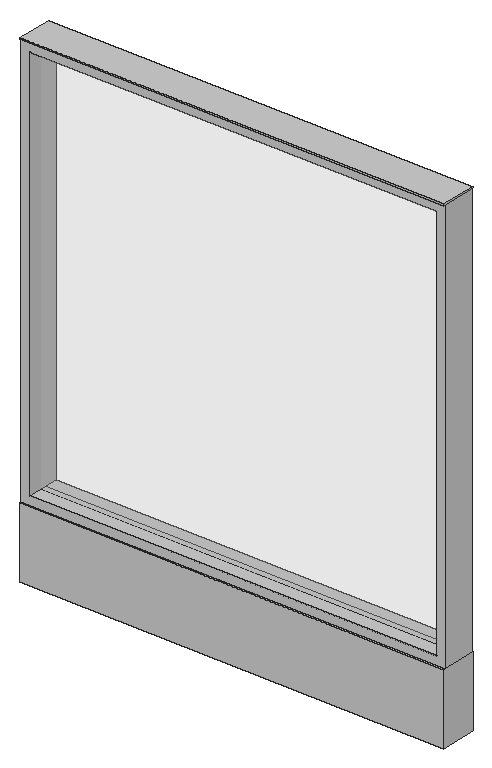
Revit family "Haworth_Compose_Panel_Glass", category Furniture Systems, Revit 2018
Family settings
  Round Connector Dimension = Use Diameter
  Part Type = Normal
  OmniClass Number = 23.40.70.14.64.21
  OmniClass Title = Systems Furniture
  Work Plane-Based = No
  Always vertical = Yes
  Cut with Voids When Loaded = No
  Shared = No
  Room Calculation Point = No
Parameters (values of type "42h 36w")
  Width = 36"
  Warranty = "http://www.haworth.com/resources/product-info/warranties"
  Vertical Trim Width = 1/4"  # constant formula
  URL - Product = "http://www.haworth.com/products/workspaces/panel-based/compose"
  URL = "http://www.haworth.com/"
  Trim Thin Profile = yes
  Trim Finish = Haworth _ Paint _ Putty
  Trim Depth = 3"  # constant formula
  Top Trim Width = if(Trim Thin Profile, 1/8", 1/4")  # 1/8"
  Top Trim Adjuster = if(Top Trim, Top Trim Width, 0")  # 1/8"
  Top Trim = yes
  Sustainability Info = "http://media.haworth.com/asset/2999/Compose%20PEDS.pdf"
  Size = "Verify Final Dim. w/ Haworth"  # constant formula
  Revision Number = "4"  # constant formula
  Raceway Height = if(Raceway, 9 1/2", 6")  # 6"
  Raceway Finish = Haworth _ Paint _ Putty
  Raceway = no
  Panel Width = Actual Width - (2 * Frame Width)  # 34 1/2"
  Panel Height = Actual Height - Top Trim Adjuster - Raceway Height - (2 * Frame Width) - 1/2"  # 33 3/4"
  Panel Depth = 1/2"  # constant formula
  Model = "VZGF"  # constant formula
  Min/Max Width = "18-48 in. @ 6 in. Increments"  # constant formula
  Min/Max Height = "42-74 in. @ 8 in. Increments"  # constant formula
  Min. Width = 18"  # constant formula
  Max. Width = 48"  # constant formula
  Min. Height = 42"  # constant formula
  Max. Height = 74"  # constant formula
  Manufacturer = "Haworth"  # constant formula
  Height = 42"
  Variable End Trim Right [instance] = no
  Variable End Trim Left [instance] = no
  Glass Finish = Haworth _ Glass _ Clear
  Frame Width = 3/4"  # constant formula
  Frame Depth = Trim Depth - 1/4"  # 2 3/4"
  End Trim Right [instance] = no
  End Trim Left [instance] = no
  Description = "Haworth Compose Panel Glass"  # constant formula
  Custom Size = not(and(or(Width = 18", Width = 24", Width = 30", Width = 36", Width = 42", Width = 48"), or(Height = 42", Height = 50", Height = 58", Height = 66", Height = 74")))  # no
  Adjacent Panel Height Right [instance] = 34"
  Adjacent Panel Height Left [instance] = 34"
  Bottom Trim Width = 1 1/2"  # constant formula
  Author = "SHAPE Environments, LLC"  # constant formula
  Assembly Code = "E2020500"
  Actual Width = if(Width < Min. Width, Min. Width, if(Width > Max. Width, Max. Width, Width))  # 36"
  Actual Height = if(not(Top Trim), if(Height < Min. Height, Min. Height, if(Height > Max. Height, Max. Height, Height)) - 1/4", if(Trim Thin Profile, if(Height < Min. Height, Min. Height, if(Height > Max. Height, Max. Height, Height)) - 1/8", if(Height < Min. Height, Min. Height, if(Height > Max. Height, Max. Height, Height))))  # 41 7/8"
  Actual End Trim Right Height [instance] = if(and(Variable End Trim Right, Actual Height - Adjacent Panel Height Right < 4"), 4", if(Variable End Trim Right, Actual Height - Adjacent Panel Height Right, Actual Height - 1/2"))  # 41 3/8"
  Actual End Trim Left Height [instance] = if(and(Variable End Trim Left, Actual Height - Adjacent Panel Height Left < 4"), 4", if(Variable End Trim Left, Actual Height - Adjacent Panel Height Left, Actual Height - 1/2"))  # 41 3/8"
Reference planes (in)
  plane 1 "Center F/B": y = 0
  plane 2: z = 0.5
  plane 3 "Center L/R": x = 0.09607
  plane 4 "Left": x = -17.90393
  plane 5 "Right": x = 18.09607
  plane 6 "Top Trim": z = 41.875
  plane 7 "Top Trim Inside": z = 41.75
  plane 8 "Front": y = -1.5
  plane 9 "Back": y = 1.5
  plane 10 "Raceway Top Front": z = 6.5
  plane 11 "Top": z = 41.875
Forms (in)
  Sweep 1, solid, material "Haworth _ Paint _ Putty" <- "Trim Finish", visible <- "Top Trim"
    path origin (0, 0, 0) x (1, 0, 0) y (0, 0, 1)
      loop
        line (-17.90393, 41.875) -> (18.09607, 41.875)
    profile "Haworth_Compose - Panel_Trim : Top" origin (0.09607, 0, 41.875) x (0, 0, 1) y (0, -1, 0)
      loop
        line (0, 1.5) -> (-0.125, 1.5) -> (-0.125, -1.5) -> (0, -1.5) -> (0, 1.5)
  Extrusion 2, solid, material "Haworth _ Paint _ Putty" <- "Raceway Finish"
    sketch origin (0, -1.5, 0) x (-1, 0, 0) y (0, 0, 1)
      loop
        line (17.90393, 0.5) -> (17.90393, 6.5) -> (-18.09607, 6.5) -> (-18.09607, 0.5) -> (17.90393, 0.5)
    from 0 to 3
  Sweep 3, solid, material "Haworth _ Paint _ Putty" <- "Trim Finish"
    path origin (0, 0, 0) x (1, 0, 0) y (0, 0, 1)
      loop
        line (-17.90393, 41.75) -> (-17.90393, 6.5) -> (18.09607, 6.5) -> (18.09607, 41.75) -> (-17.90393, 41.75)
    profile "Haworth_Compose - Panel_Trim : Frame" origin (0.09607, 0, 41.75) x (0, 0, 1) y (0, -1, 0)
      loop
        line (0, 1.375) -> (-0.75, 1.375) -> (-0.75, -1.375) -> (0, -1.375) -> (0, 1.375)
Lines and regions (in)
  Masking region 1
    outline origin (0, 0, 0) x (1, 0, 0) y (0, 1, 0)
      loop
        line (-17.90393, 1.5) -> (-17.90393, -1.5) -> (18.09607, -1.5) -> (18.09607, 1.5) -> (-17.90393, 1.5)
  Masking region 2, visible <- "End Trim Right"
    outline origin (0, 0, 0) x (1, 0, 0) y (0, 1, 0)
      loop
        line (18.09607, 1.5) -> (18.09607, -1.5) -> (18.22107, -1.5) -> (18.22107, 1.5) -> (18.09607, 1.5)
  Masking region 3, visible <- "End Trim Left"
    outline origin (0, 0, 0) x (1, 0, 0) y (0, 1, 0)
      loop
        line (-18.02893, 1.5) -> (-18.02893, -1.5) -> (-17.90393, -1.5) -> (-17.90393, 1.5) -> (-18.02893, 1.5)
  symbolic lines, style "Haworth"
    curve 1: line (18.09607, 1.5, 0) -> (18.09607, -1.5, 0)
    curve 3: line (-17.90393, 1.5, 0) -> (-17.90393, -1.5, 0)
  symbolic lines, style "Haworth", detail levels medium+fine
    curve 2: line (18.09607, -0.25, 0) -> (-17.90393, -0.25, 0)
    curve 4: line (18.09607, 0.25, 0) -> (-17.90393, 0.25, 0)
Dimensions and locks (in)
  equal spacing: plane 4 "Left", plane 3 "Center L/R", plane 5 "Right"
  "Actual Width": plane 4 "Left" to plane 5 "Right"
  "Actual Height": plane 11 "Top" to level
  "Top Trim Width": plane 6 "Top Trim" to plane 7 "Top Trim Inside"
  equal spacing: plane 9 "Back", plane 1 "Center F/B", plane 8 "Front"
  "Trim Depth": plane 9 "Back" to plane 8 "Front"
  "Raceway Height": plane 10 "Raceway Top Front" to plane 2
  "Frame Width": nested 1 to plane 10 "Raceway Top Front"
  "Top Trim Adjuster": plane 11 "Top" to plane 7 "Top Trim Inside"
  "Top Trim Width": plane 5 "Right" to Masking region 2 sketch curve
  "Top Trim Width": Masking region 3 sketch curve to plane 4 "Left"
  locked: plane 2 to level at 0.5
  locked: nested 5 to plane 5 "Right" at 3
  locked: plane 4 "Left" to nested 4 at 3
  aligned and locked: Sweep 1 sketch curve to plane 6 "Top Trim"
  aligned and locked: plane 5 "Right" to Sweep 1 sketch curve
  aligned and locked: plane 4 "Left" to Sweep 1 sketch curve
  aligned and locked: plane 4 "Left" to curve 4
  aligned and locked: plane 5 "Right" to curve 4
  aligned and locked: plane 3 "Center L/R" to nested 1
  aligned and locked: plane 1 "Center F/B" to nested 1
  aligned and locked: curve 2 to nested 1
  aligned and locked: curve 4 to nested 1
  aligned: nested 1 to plane 10 "Raceway Top Front"
  aligned and locked: Extrusion 2 sketch curve to plane 2
  aligned and locked: plane 10 "Raceway Top Front" to Extrusion 2 sketch curve
  aligned and locked: plane 5 "Right" to Extrusion 2 sketch curve
  aligned and locked: Sweep 3 sketch curve to plane 7 "Top Trim Inside"
  aligned and locked: Sweep 3 sketch curve to plane 4 "Left"
  aligned and locked: plane 5 "Right" to Sweep 3 sketch curve
  aligned and locked: Sweep 3 sketch curve to plane 10 "Raceway Top Front"
  aligned and locked: Extrusion 2 sketch curve to plane 4 "Left"
  aligned and locked: nested 3 to plane 1 "Center F/B"
  aligned and locked: plane 4 "Left" to nested 3
  aligned and locked: plane 1 "Center F/B" to nested 2
  aligned and locked: nested 2 to plane 5 "Right"
  aligned and locked: plane 11 "Top" to nested 3
  aligned and locked: plane 11 "Top" to nested 2
Automatic sketch dimensions
  Masking region 1 sketch curve to plane 4 "Left" = 0"
  Masking region 1 sketch curve to plane 5 "Right" = 0"
  Masking region 1 sketch curve to plane 8 "Front" = 0"
  Masking region 1 sketch curve to plane 9 "Back" = 0"
  Masking region 2 sketch curve to plane 5 "Right" = 0"
  Masking region 2 sketch curve to plane 9 "Back" = 0"
  Masking region 3 sketch curve to plane 4 "Left" = 0"
  Masking region 3 sketch curve to plane 8 "Front" = 0"
  curve 1 to plane 8 "Front" = 0"
  curve 3 to plane 8 "Front" = 0"
  curve 3 to plane 9 "Back" = 0"
  curve 1 to plane 9 "Back" = 0"
  Masking region 2 sketch curve to plane 8 "Front" = 0"
  Masking region 3 sketch curve to plane 9 "Back" = 0"
Nested families (in)
  nested 1: "Haworth_Compose - Panel_Glass" at (-1.08413, 0.03024, 7.25), type "Haworth_Compose - Panel_Glass"
    with Panel Width 34 1/2", Panel Height 33 3/4"
  nested 2: "Haworth_Parts_Compose-End_Trim" at (15.22107, 0, 0.5), visible <- "End Trim Right", Actual Height <- "Actual End Trim Right Height", type "Trim"
    with Actual Height 41 3/8", Trim Width 1/8", Thin Profile yes
  nested 3: "Haworth_Parts_Compose-End_Trim" at (-15.02893, 0, 0.5) x (-1, 0, 0) z (0, 0, 1), Actual Height <- "Actual End Trim Left Height", visible <- "End Trim Left", type "Trim"
    with Actual Height 41 3/8", Trim Width 1/8", Thin Profile yes
  nested 4: "Haworth_Parts_Compose-Feet" at (-17.77893, 0, 0), type "Trim"
  nested 5: "Haworth_Parts_Compose-Feet" at (12.22107, 0, 0), type "Trim"
Definition of nested family "Haworth_Compose - Panel_Glass"
  Parameters
    Panel Width = 36"
    Panel Height = 45 3/4"
    Panel Finish = none
    Panel Depth = 1/2"
    Assembly Code = ""
  Reference planes (in)
    plane 1 "Center F/B": y = -0.03024
    plane 2: z = 0
    plane 3 "Center L/R": x = 1.1802
    plane 4 "Left": x = -16.8198
    plane 5 "Right": x = 19.1802
    plane 6 "Back": y = 0.21976
    plane 7 "Front": y = -0.28024
    plane 8 "Top": z = 45.75
  Forms (in)
    Extrusion 1, solid, material <- "Panel Finish"
      sketch origin (0, -0.03024, 0) x (1, 0, 0) y (0, 0, 1)
        loop
          line (-16.8198, 45.75) -> (-16.8198, 0) -> (19.1802, 0) -> (19.1802, 45.75) -> (-16.8198, 45.75)
      from -0.25 to 0.25
  Dimensions and locks (in)
    "Panel Height": plane 8 "Top" to level
    equal spacing: plane 6 "Back", plane 1 "Center F/B", plane 7 "Front"
    "Panel Depth": plane 6 "Back" to plane 7 "Front"
    equal spacing: plane 4 "Left", plane 3 "Center L/R", plane 5 "Right"
    "Panel Width": plane 4 "Left" to plane 5 "Right"
    aligned and locked: plane 4 "Left" to Extrusion 1 sketch curve
    aligned and locked: Extrusion 1 sketch curve to plane 8 "Top"
    aligned and locked: level to Extrusion 1 sketch curve
    aligned and locked: Extrusion 1 sketch curve to plane 5 "Right"
    aligned and locked: plane 6 "Back" to Extrusion 1
    aligned and locked: Extrusion 1 to plane 7 "Front"
Definition of nested family "Haworth_Parts_Compose-End_Trim"
  Parameters
    Warranty = ""
    URL - Product = ""
    URL = "www.haworth.com"
    Trim Width = if(Thin Profile, 1/8", 1/4")  # 1/4"
    Thin Profile = no
    Sustainability Info = ""
    Description = ""
    Size = "Verify Final Dim. w/ Haworth"  # constant formula
    Revision Number = "1"  # constant formula
    Material Options = ""
    Manufacturer = "Haworth"  # constant formula
    LEED Data = ""
    Trim Finish = none
    Author = "SHAPE Environments, LLC"  # constant formula
    Assembly Code = ""
    Actual Height [instance] = 42"
    Actual Depth = 3"  # constant formula
  Reference planes (in)
    plane 1 "Center F/B": y = 0
    plane 2: z = 0
    plane 3 "Back": y = 1.5
    plane 4 "Front": y = -1.5
    plane 5 "Right": x = 3
    plane 6 "Top": z = 42
    plane 7 "Left": x = 2.75
  Forms (in)
    Extrusion 1, solid, material <- "Trim Finish"
      sketch origin (-1.5, 0, 0) x (1, 0, 0) y (0, 1, 0)
        loop
          line (4.25, 1.5) -> (4.25, -1.5) -> (4.5, -1.5) -> (4.5, 1.5) -> (4.25, 1.5)
      from 0 to 42
  Dimensions and locks (in)
    equal spacing: plane 3 "Back", plane 1 "Center F/B", plane 4 "Front"
    "Actual Depth": plane 3 "Back" to plane 4 "Front"
    "Actual Height": plane 6 "Top" to level
    "Trim Width": plane 7 "Left" to plane 5 "Right"
    aligned and locked: Extrusion 1 sketch curve to plane 3 "Back"
    aligned and locked: plane 4 "Front" to Extrusion 1 sketch curve
    aligned: Extrusion 1 sketch curve to plane 5 "Right"
    aligned: plane 6 "Top" to Extrusion 1  (x4)
    aligned and locked: plane 5 "Right" to Extrusion 1
    aligned and locked: Extrusion 1 sketch curve to plane 7 "Left"
    aligned and locked: Extrusion 1 to plane 2
    aligned and locked: plane 6 "Top" to Extrusion 1
    aligned and locked: level to plane 2
Definition of nested family "Haworth_Parts_Compose-Feet"
  Parameters
    Warranty = ""
    URL - Product = ""
    URL = "www.haworth.com"
    Sustainability Info = ""
    Description = "Compose Post"
    Size = "Verify Final Dim. w/ Haworth"  # constant formula
    Revision Number = "1"  # constant formula
    Material Options = ""
    Manufacturer = "Haworth"  # constant formula
    LEED Data = ""
    Trim Finish = none
    Author = "SHAPE Environments, LLC"  # constant formula
    Assembly Code = ""
  Reference planes (in)
    plane 1 "Center F/B": y = 0
    plane 2: z = 0.5
    plane 3 "Center": x = 2.875
  Forms (in)
    Extrusion 1, solid, material <- "Trim Finish"
      sketch origin (0, 0, 0) x (1, 0, 0) y (0, 1, 0)
        loop
          circle (2.875, 0) r 0.5
      from 0 to 0.5
  Dimensions and locks (in)
    aligned and locked: plane 2 to Extrusion 1
Types in the file's own list only (60): name | Width | Raceway Height | Raceway | Panel Width | Panel Height | Height | Actual Width | Actual Height
  42h 18w No Base Raceway | 18" | 6" | No | 16 1/2" | 33 3/4" | 42" | 18" | 41 7/8"
  42h 24w No Base Raceway | 24" | 6" | No | 22 1/2" | 33 3/4" | 42" | 24" | 41 7/8"
  42h 30w No Base Raceway | 30" | 6" | No | 28 1/2" | 33 3/4" | 42" | 30" | 41 7/8"
  42h 36w No Base Raceway | 36" | 6" | No | 34 1/2" | 33 3/4" | 42" | 36" | 41 7/8"
  42h 42w No Base Raceway | 42" | 6" | No | 40 1/2" | 33 3/4" | 42" | 42" | 41 7/8"
  42h 48w No Base Raceway | 48" | 6" | No | 46 1/2" | 33 3/4" | 42" | 48" | 41 7/8"
  50h 18w No Base Raceway | 18" | 6" | No | 16 1/2" | 41 3/4" | 50" | 18" | 49 7/8"
  50h 24w No Base Raceway | 24" | 6" | No | 22 1/2" | 41 3/4" | 50" | 24" | 49 7/8"
  50h 30w No Base Raceway | 30" | 6" | No | 28 1/2" | 41 3/4" | 50" | 30" | 49 7/8"
  50h 36w No Base Raceway | 36" | 6" | No | 34 1/2" | 41 3/4" | 50" | 36" | 49 7/8"
  50h 42w No Base Raceway | 42" | 6" | No | 40 1/2" | 41 3/4" | 50" | 42" | 49 7/8"
  50h 48w No Base Raceway | 48" | 6" | No | 46 1/2" | 41 3/4" | 50" | 48" | 49 7/8"
  58h 18w No Base Raceway | 18" | 6" | No | 16 1/2" | 49 3/4" | 58" | 18" | 57 7/8"
  58h 24w No Base Raceway | 24" | 6" | No | 22 1/2" | 49 3/4" | 58" | 24" | 57 7/8"
  58h 30w No Base Raceway | 30" | 6" | No | 28 1/2" | 49 3/4" | 58" | 30" | 57 7/8"
  58h 36w No Base Raceway | 36" | 6" | No | 34 1/2" | 49 3/4" | 58" | 36" | 57 7/8"
  58h 42w No Base Raceway | 42" | 6" | No | 40 1/2" | 49 3/4" | 58" | 42" | 57 7/8"
  58h 48w No Base Raceway | 48" | 6" | No | 46 1/2" | 49 3/4" | 58" | 48" | 57 7/8"
  66h 18w No Base Raceway | 18" | 6" | No | 16 1/2" | 57 3/4" | 66" | 18" | 65 7/8"
  66h 24w No Base Raceway | 24" | 6" | No | 22 1/2" | 57 3/4" | 66" | 24" | 65 7/8"
  66h 30w No Base Raceway | 30" | 6" | No | 28 1/2" | 57 3/4" | 66" | 30" | 65 7/8"
  66h 36w No Base Raceway | 36" | 6" | No | 34 1/2" | 57 3/4" | 66" | 36" | 65 7/8"
  66h 42w No Base Raceway | 42" | 6" | No | 40 1/2" | 57 3/4" | 66" | 42" | 65 7/8"
  66h 48w No Base Raceway | 48" | 6" | No | 46 1/2" | 57 3/4" | 66" | 48" | 65 7/8"
  74h 18w No Base Raceway | 18" | 6" | No | 16 1/2" | 65 3/4" | 74" | 18" | 73 7/8"
  74h 24w No Base Raceway | 24" | 6" | No | 22 1/2" | 65 3/4" | 74" | 24" | 73 7/8"
  74h 30w No Base Raceway | 30" | 6" | No | 28 1/2" | 65 3/4" | 74" | 30" | 73 7/8"
  74h 36w No Base Raceway | 36" | 6" | No | 34 1/2" | 65 3/4" | 74" | 36" | 73 7/8"
  74h 42w No Base Raceway | 42" | 6" | No | 40 1/2" | 65 3/4" | 74" | 42" | 73 7/8"
  74h 48w No Base Raceway | 48" | 6" | No | 46 1/2" | 65 3/4" | 74" | 48" | 73 7/8"
  42h 18w With Base Raceway | 18" | 9 1/2" | Yes | 16 1/2" | 30 1/4" | 42" | 18" | 41 7/8"
  42h 24w With Base Raceway | 24" | 9 1/2" | Yes | 22 1/2" | 30 1/4" | 42" | 24" | 41 7/8"
  42h 30w With Base Raceway | 30" | 9 1/2" | Yes | 28 1/2" | 30 1/4" | 42" | 30" | 41 7/8"
  42h 36w With Base Raceway | 36" | 9 1/2" | Yes | 34 1/2" | 30 1/4" | 42" | 36" | 41 7/8"
  42h 42w With Base Raceway | 42" | 9 1/2" | Yes | 40 1/2" | 30 1/4" | 42" | 42" | 41 7/8"
  42h 48w With Base Raceway | 48" | 9 1/2" | Yes | 46 1/2" | 30 1/4" | 42" | 48" | 41 7/8"
  50h 18w With Base Raceway | 18" | 9 1/2" | Yes | 16 1/2" | 38 1/4" | 50" | 18" | 49 7/8"
  50h 24w With Base Raceway | 24" | 9 1/2" | Yes | 22 1/2" | 38 1/4" | 50" | 24" | 49 7/8"
  50h 30w With Base Raceway | 30" | 9 1/2" | Yes | 28 1/2" | 38 1/4" | 50" | 30" | 49 7/8"
  50h 36w With Base Raceway | 36" | 9 1/2" | Yes | 34 1/2" | 38 1/4" | 50" | 36" | 49 7/8"
  50h 42w With Base Raceway | 42" | 9 1/2" | Yes | 40 1/2" | 38 1/4" | 50" | 42" | 49 7/8"
  50h 48w With Base Raceway | 48" | 9 1/2" | Yes | 46 1/2" | 38 1/4" | 50" | 48" | 49 7/8"
  58h 18w With Base Raceway | 18" | 9 1/2" | Yes | 16 1/2" | 46 1/4" | 58" | 18" | 57 7/8"
  58h 24w With Base Raceway | 24" | 9 1/2" | Yes | 22 1/2" | 46 1/4" | 58" | 24" | 57 7/8"
  58h 30w With Base Raceway | 30" | 9 1/2" | Yes | 28 1/2" | 46 1/4" | 58" | 30" | 57 7/8"
  58h 36w With Base Raceway | 36" | 9 1/2" | Yes | 34 1/2" | 46 1/4" | 58" | 36" | 57 7/8"
  58h 42w With Base Raceway | 42" | 9 1/2" | Yes | 40 1/2" | 46 1/4" | 58" | 42" | 57 7/8"
  58h 48w With Base Raceway | 48" | 9 1/2" | Yes | 46 1/2" | 46 1/4" | 58" | 48" | 57 7/8"
  66h 18w With Base Raceway | 18" | 9 1/2" | Yes | 16 1/2" | 54 1/4" | 66" | 18" | 65 7/8"
  66h 24w With Base Raceway | 24" | 9 1/2" | Yes | 22 1/2" | 54 1/4" | 66" | 24" | 65 7/8"
  66h 30w With Base Raceway | 30" | 9 1/2" | Yes | 28 1/2" | 54 1/4" | 66" | 30" | 65 7/8"
  66h 36w With Base Raceway | 36" | 9 1/2" | Yes | 34 1/2" | 54 1/4" | 66" | 36" | 65 7/8"
  66h 42w With Base Raceway | 42" | 9 1/2" | Yes | 40 1/2" | 54 1/4" | 66" | 42" | 65 7/8"
  66h 48w With Base Raceway | 48" | 9 1/2" | Yes | 46 1/2" | 54 1/4" | 66" | 48" | 65 7/8"
  74h 18w With Base Raceway | 18" | 9 1/2" | Yes | 16 1/2" | 62 1/4" | 74" | 18" | 73 7/8"
  74h 24w With Base Raceway | 24" | 9 1/2" | Yes | 22 1/2" | 62 1/4" | 74" | 24" | 73 7/8"
  74h 30w With Base Raceway | 30" | 9 1/2" | Yes | 28 1/2" | 62 1/4" | 74" | 30" | 73 7/8"
  74h 36w With Base Raceway | 36" | 9 1/2" | Yes | 34 1/2" | 62 1/4" | 74" | 36" | 73 7/8"
  74h 42w With Base Raceway | 42" | 9 1/2" | Yes | 40 1/2" | 62 1/4" | 74" | 42" | 73 7/8"
  74h 48w With Base Raceway | 48" | 9 1/2" | Yes | 46 1/2" | 62 1/4" | 74" | 48" | 73 7/8"
